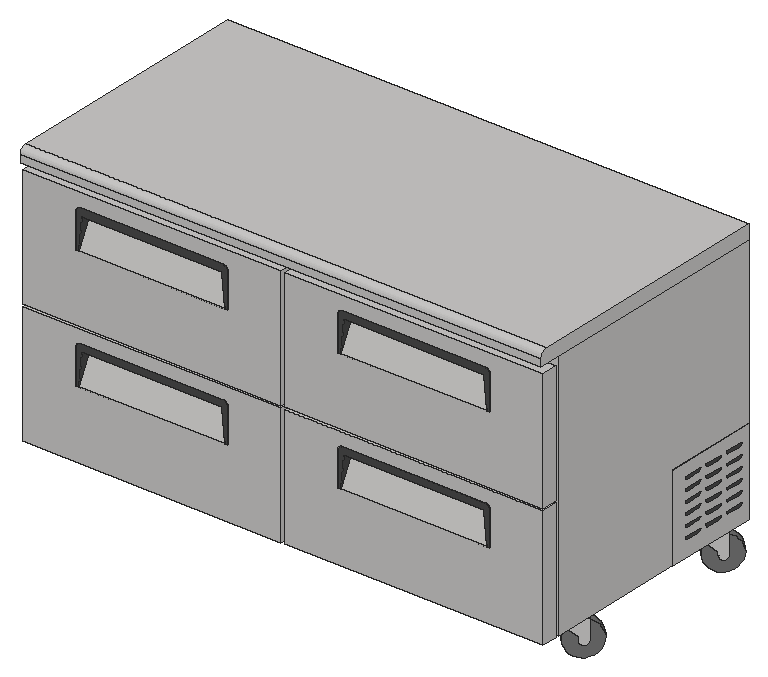
Revit family "QF_Turbo Air_TUR-60SD-D4", category Specialty Equipment, Revit 2012
Parameters
  Weight in Pounds = 301
  Watermarked By = "http://revitwatermark.com"
  Volts = 115 V
  URL Cutsheet = ""
  URL = "www.turboairinc.com"
  Status [instance] = ""
  Specification by User [instance] = ""
  Specification by Manufacturer [instance] = ""
  Serial Number [instance] = ""
  Revision Code [instance] = ""
  Phase = 1
  Number of Poles [instance] = 1
  NAFEM Spec ID Number [instance] = ""
  Model = "TUR-60SD-D4"
  Masterspec [instance] = ""
  Manufacturer = "Turbo Air"  # constant formula
  Legs [instance] = [6 inch Legs]  # no
  Item Number [instance] = "-"
  Installed By [instance] = ""
  HP = "1/3"
  Furnished By [instance] = ""
  Foodservice Equipment Identifier = yes
  FL Amps = 9.9 A
  Electrical Remarks [instance] = ""
  Electric Connection Type [instance] = ""
  Elec Conn RI Height [instance] = 0' - 0"
  Elec Conn Connection Height = 1' - 0"
  Description = "Undercounter Refrigerator"
  Cycle = 60 Hz
  Conn Plug = "NEMA 5-15P"
  Casters [instance] = not(Legs)  # yes
  CasterLeg Height [instance] = if([4 inch Casters], 0' 5", if([5 inch Casters], 0' 5 3/4", if([2_5 inch Casters], 0' 3 3/8", 0' 6")))  # 0' - 5"
  CSI MasterFormat = "11 41 13"
  Assembly Code = "E1090320"
  Apparent Power = if(Phase = 3, Volts * FL Amps * 1.73, Volts * FL Amps)  # 1138.5 VA
  6 inch Legs [instance] = no
  5 inch Casters [instance] = no
  4 inch Casters [instance] = yes
  2_5 inch Casters [instance] = no
Reference planes (in)
  plane 1 "BACK": y = 0
  plane 2: z = 0
  plane 3 "LEFT": x = -20.78844
  plane 4 "Bottom": z = 5
  plane 5 "Back Stops": y = 1
  plane 6 "RIGHT": x = 39.46156
  plane 7 "FRONT": y = -30
  plane 8 "Back of Door": y = -27.875
  plane 9 "Front of Box": y = -27.375
  plane 10 "Top of Door": z = 33.125
  plane 11 "TOP": z = 35.625
  plane 12 "Bottom of TOP": z = 34
  plane 13 "Center LR": x = 9.33656
  plane 14: x = 9.52406
  plane 15: x = 9.14906
  plane 16: y = -42.75
Forms (in)
  Extrusion 1, solid, material "QF_Finishes_Stainless Steel"
    sketch origin (-20.78844, 0, 0) x (0, 1, 0) y (0, 0, 1)
      loop
        line (0, 5) -> (0, 34) -> (-27.375, 34) -> (-27.375, 5) -> (0, 5)
    from 0 to 60.25
  Extrusion 2, solid, material "QF_Finishes_Black"
    sketch origin (0, -27.375, 0) x (1, 0, 0) y (0, 0, 1)
      loop
        line (-19.78844, 32.125) -> (-19.78844, 6) -> (8.14906, 6) -> (8.14906, 32.125) -> (-19.78844, 32.125)
      loop
        line (10.52406, 32.125) -> (10.52406, 6) -> (38.46156, 6) -> (38.46156, 32.125) -> (10.52406, 32.125)
    from 0 to 0.5
  Extrusion 3, void
    sketch origin (39.46156, 0, 0) x (0, 1, 0) y (0, 0, 1)
      loop
        line (0, 5) -> (0, 15) -> (-11, 15) -> (-11, 5) -> (0, 5)
    from 0 to -1
  Extrusion 4, solid, material "QF_Finishes_Stainless Steel"
    sketch origin (39.46156, 0, 0) x (0, 1, 0) y (0, 0, 1)
      loop
        line (-10.875, 14.875) -> (-10.875, 5) -> (0, 5) -> (0, 14.875) -> (-10.875, 14.875)
      loop
        arc (-9.25, 13.5) -> (-9.10355, 13.14645) -> (-8.75, 13) r 0.5
        line (-8.75, 13) -> (-7.25, 13)
        arc (-7.25, 13) -> (-6.89645, 13.14645) -> (-6.75, 13.5) r 0.5
        line (-6.75, 13.5) -> (-9.25, 13.5)
      loop
        arc (-6.25, 13.5) -> (-6.10355, 13.14645) -> (-5.75, 13) r 0.5
        line (-5.75, 13) -> (-4.25, 13)
        arc (-4.25, 13) -> (-3.89645, 13.14645) -> (-3.75, 13.5) r 0.5
        line (-3.75, 13.5) -> (-6.25, 13.5)
      loop
        arc (-3.25, 13.5) -> (-3.10355, 13.14645) -> (-2.75, 13) r 0.5
        line (-2.75, 13) -> (-1.25, 13)
        arc (-1.25, 13) -> (-0.89645, 13.14645) -> (-0.75, 13.5) r 0.5
        line (-0.75, 13.5) -> (-3.25, 13.5)
      loop
        arc (-9.25, 12.25) -> (-9.10355, 11.89645) -> (-8.75, 11.75) r 0.5
        line (-8.75, 11.75) -> (-7.25, 11.75)
        arc (-7.25, 11.75) -> (-6.89645, 11.89645) -> (-6.75, 12.25) r 0.5
        line (-6.75, 12.25) -> (-9.25, 12.25)
      loop
        arc (-6.25, 12.25) -> (-6.10355, 11.89645) -> (-5.75, 11.75) r 0.5
        line (-5.75, 11.75) -> (-4.25, 11.75)
        arc (-4.25, 11.75) -> (-3.89645, 11.89645) -> (-3.75, 12.25) r 0.5
        line (-3.75, 12.25) -> (-6.25, 12.25)
      loop
        arc (-3.25, 12.25) -> (-3.10355, 11.89645) -> (-2.75, 11.75) r 0.5
        line (-2.75, 11.75) -> (-1.25, 11.75)
        arc (-1.25, 11.75) -> (-0.89645, 11.89645) -> (-0.75, 12.25) r 0.5
        line (-0.75, 12.25) -> (-3.25, 12.25)
      loop
        arc (-9.25, 11) -> (-9.10355, 10.64645) -> (-8.75, 10.5) r 0.5
        line (-8.75, 10.5) -> (-7.25, 10.5)
        arc (-7.25, 10.5) -> (-6.89645, 10.64645) -> (-6.75, 11) r 0.5
        line (-6.75, 11) -> (-9.25, 11)
      loop
        arc (-6.25, 11) -> (-6.10355, 10.64645) -> (-5.75, 10.5) r 0.5
        line (-5.75, 10.5) -> (-4.25, 10.5)
        arc (-4.25, 10.5) -> (-3.89645, 10.64645) -> (-3.75, 11) r 0.5
        line (-3.75, 11) -> (-6.25, 11)
      loop
        arc (-3.25, 11) -> (-3.10355, 10.64645) -> (-2.75, 10.5) r 0.5
        line (-2.75, 10.5) -> (-1.25, 10.5)
        arc (-1.25, 10.5) -> (-0.89645, 10.64645) -> (-0.75, 11) r 0.5
        line (-0.75, 11) -> (-3.25, 11)
      loop
        arc (-9.25, 9.75) -> (-9.10355, 9.39645) -> (-8.75, 9.25) r 0.5
        line (-8.75, 9.25) -> (-7.25, 9.25)
        arc (-7.25, 9.25) -> (-6.89645, 9.39645) -> (-6.75, 9.75) r 0.5
        line (-6.75, 9.75) -> (-9.25, 9.75)
      loop
        arc (-6.25, 9.75) -> (-6.10355, 9.39645) -> (-5.75, 9.25) r 0.5
        line (-5.75, 9.25) -> (-4.25, 9.25)
        arc (-4.25, 9.25) -> (-3.89645, 9.39645) -> (-3.75, 9.75) r 0.5
        line (-3.75, 9.75) -> (-6.25, 9.75)
      loop
        arc (-3.25, 9.75) -> (-3.10355, 9.39645) -> (-2.75, 9.25) r 0.5
        line (-2.75, 9.25) -> (-1.25, 9.25)
        arc (-1.25, 9.25) -> (-0.89645, 9.39645) -> (-0.75, 9.75) r 0.5
        line (-0.75, 9.75) -> (-3.25, 9.75)
      loop
        arc (-9.25, 8.5) -> (-9.10355, 8.14645) -> (-8.75, 8) r 0.5
        line (-8.75, 8) -> (-7.25, 8)
        arc (-7.25, 8) -> (-6.89645, 8.14645) -> (-6.75, 8.5) r 0.5
        line (-6.75, 8.5) -> (-9.25, 8.5)
      loop
        arc (-6.25, 8.5) -> (-6.10355, 8.14645) -> (-5.75, 8) r 0.5
        line (-5.75, 8) -> (-4.25, 8)
        arc (-4.25, 8) -> (-3.89645, 8.14645) -> (-3.75, 8.5) r 0.5
        line (-3.75, 8.5) -> (-6.25, 8.5)
      loop
        arc (-3.25, 8.5) -> (-3.10355, 8.14645) -> (-2.75, 8) r 0.5
        line (-2.75, 8) -> (-1.25, 8)
        arc (-1.25, 8) -> (-0.89645, 8.14645) -> (-0.75, 8.5) r 0.5
        line (-0.75, 8.5) -> (-3.25, 8.5)
      loop
        arc (-9.25, 7.25) -> (-9.10355, 6.89645) -> (-8.75, 6.75) r 0.5
        line (-8.75, 6.75) -> (-7.25, 6.75)
        arc (-7.25, 6.75) -> (-6.89645, 6.89645) -> (-6.75, 7.25) r 0.5
        line (-6.75, 7.25) -> (-9.25, 7.25)
      loop
        arc (-6.25, 7.25) -> (-6.10355, 6.89645) -> (-5.75, 6.75) r 0.5
        line (-5.75, 6.75) -> (-4.25, 6.75)
        arc (-4.25, 6.75) -> (-3.89645, 6.89645) -> (-3.75, 7.25) r 0.5
        line (-3.75, 7.25) -> (-6.25, 7.25)
      loop
        arc (-3.25, 7.25) -> (-3.10355, 6.89645) -> (-2.75, 6.75) r 0.5
        line (-2.75, 6.75) -> (-1.25, 6.75)
        arc (-1.25, 6.75) -> (-0.89645, 6.89645) -> (-0.75, 7.25) r 0.5
        line (-0.75, 7.25) -> (-3.25, 7.25)
    from 0 to -1
  Extrusion 5, solid, material "QF_Finishes_Black"
    sketch origin (39.46156, 0, 0) x (0, 1, 0) y (0, 0, 1)
      loop
        line (-9.875, 13.95221) -> (-9.875, 6.20221) -> (-0.375, 6.20221) -> (-0.375, 13.95221) -> (-9.875, 13.95221)
    from -0.125 to -1
  Extrusion 6, solid, material "QF_Finishes_Black"
    sketch origin (0, 0, 0) x (1, 0, 0) y (0, 0, 1)
      loop
        circle (-14.66344, 30.8125) r 0.5
      loop
        circle (33.33656, 30.8125) r 0.5
    from 0 to -1
  Extrusion 7, solid, material "QF_Finishes_Stainless Steel"
    sketch origin (0, 0, 0) x (1, 0, 0) y (0, 0, 1)
      loop
        circle (35.46156, 11.125) r 0.25
    from 0 to -0.0625
  Extrusion 8, solid, material "QF_Finishes_Polished Steel"
    sketch origin (-20.78844, 0, 0) x (0, 1, 0) y (0, 0, 1)
      loop
        line (0, 35.625) -> (-29.1875, 35.625)
        arc (-29.1875, 35.625) -> (-29.76202, 35.38702) -> (-30, 34.8125) r 0.8125
        line (-30, 34.8125) -> (-30, 34) -> (0, 34) -> (0, 35.625)
    from 0 to 60.25
Cuts and joins
  Extrusion 3 cuts Extrusion 1
Lines and regions (in)
  symbolic lines
    curve 1: line (-20.78844, 0, 35.875) -> (39.46156, 0, 35.875)
    curve 2: line (-20.78844, -30, 35.875) -> (-20.78844, 0, 35.875)
    curve 3: line (39.46156, -30, 35.875) -> (-20.78844, -30, 35.875)
    curve 4: line (39.46156, 0, 35.875) -> (39.46156, -30, 35.875)
    curve 5: line (32.83656, 1, 35.875) -> (33.83656, 1, 35.875)
    curve 6: line (-15.16344, 1, 35.875) -> (-14.16344, 1, 35.875)
    curve 7: line (-15.16344, 1, 35.875) -> (-15.16344, 0, 35.875)
    curve 8: line (-14.16344, 1, 35.875) -> (-14.16344, 0, 35.875)
    curve 9: line (32.83656, 1, 35.875) -> (32.83656, 0, 35.875)
    curve 10: line (33.83656, 1, 35.875) -> (33.83656, 0, 35.875)
  symbolic lines, style "QF_Clearances", detail levels coarse
    curve 11: line (9.52406, -30, 35.875) -> (9.52406, -42.75, 35.875)
    curve 12: line (9.52406, -42.75, 35.875) -> (39.46156, -42.75, 35.875)
    curve 13: line (39.46156, -42.75, 35.875) -> (39.46156, -30, 35.875)
    curve 14: line (-20.78844, -30, 35.875) -> (-20.78844, -42.75, 35.875)
    curve 15: line (-20.78844, -42.75, 35.875) -> (9.14906, -42.75, 35.875)
    curve 16: line (9.14906, -42.75, 35.875) -> (9.14906, -30, 35.875)
Dimensions and locks (in)
  "CasterLeg Height": plane 4 "Bottom" to plane 2
  locked: plane 1 "BACK" to plane 5 "Back Stops" at 1
  locked: plane 6 "RIGHT" to plane 3 "LEFT" at 60.25
  locked: plane 7 "FRONT" to plane 1 "BACK" at 30
  locked: plane 8 "Back of Door" to plane 9 "Front of Box" at 0.5
  locked: plane 10 "Top of Door" to Extrusion 2 sketch curve at 1  (x2)
  locked: Extrusion 2 sketch curve to plane 3 "LEFT" at 1
  locked: Extrusion 2 sketch curve to plane 4 "Bottom" at 1  (x2)
  locked: Extrusion 3 sketch curve to plane 1 "BACK" at 11
  locked: Extrusion 3 sketch curve to plane 4 "Bottom" at 10
  locked: plane 4 "Bottom" to Extrusion 4 sketch curve at 9.875
  locked: Extrusion 4 sketch curve to plane 1 "BACK" at 10.875
  locked: Extrusion 5 sketch curve to Extrusion 5 sketch curve at 7.75
  locked: Extrusion 5 sketch curve to plane 4 "Bottom" at 1.20221
  locked: Extrusion 5 sketch curve to Extrusion 5 sketch curve at 9.5
  locked: Extrusion 5 sketch curve to plane 1 "BACK" at 0.375
  locked: nested 1 to plane 1 "BACK" at 2.5625
  locked: plane 3 "LEFT" to nested 1 at 2.5
  locked: plane 3 "LEFT" to nested 2 at 2.5
  locked: plane 9 "Front of Box" to nested 2 at 4.625
  locked: nested 3 to plane 6 "RIGHT" at 2.5
  locked: nested 4 to plane 6 "RIGHT" at 2.5
  locked: plane 9 "Front of Box" to nested 4 at 4.625
  locked: nested 3 to plane 1 "BACK" at 2.5625
  locked: plane 6 "RIGHT" to Extrusion 6 sketch curve at 6.125
  locked: Extrusion 6 sketch curve to plane 3 "LEFT" at 6.125
  locked: Extrusion 7 sketch curve to plane 4 "Bottom" at 6.125
  locked: plane 6 "RIGHT" to Extrusion 7 sketch curve at 4
  locked: plane 11 "TOP" to plane 4 "Bottom" at 30.625
  locked: plane 11 "TOP" to plane 12 "Bottom of TOP" at 1.625
  locked: plane 12 "Bottom of TOP" to plane 10 "Top of Door" at 0.875
  plane 8 "Back of Door" to plane 1 "BACK" = 2' - 3 7/8"
  equal spacing: plane 3 "LEFT", plane 13 "Center LR", plane 6 "RIGHT"
  plane 15 to plane 13 "Center LR" to plane 14 = 0' - 0 3/16" locked, 0' - 0 3/16" locked
  locked: Extrusion 2 sketch curve to plane 15 at 1
  locked: Extrusion 2 sketch curve to plane 6 "RIGHT" at 1
  locked: Extrusion 2 sketch curve to plane 14 at 1
  locked: plane 16 to plane 7 "FRONT" at 12.75
  aligned and locked: level to plane 2
  aligned and locked: Extrusion 1 sketch curve to plane 1 "BACK"
  aligned and locked: Extrusion 1 sketch curve to plane 4 "Bottom"
  aligned and locked: plane 9 "Front of Box" to Extrusion 1 sketch curve
  aligned and locked: plane 6 "RIGHT" to Extrusion 1
  aligned and locked: plane 8 "Back of Door" to Extrusion 2
  aligned and locked: Extrusion 3 sketch curve to plane 1 "BACK"
  aligned and locked: Extrusion 3 sketch curve to plane 4 "Bottom"
  aligned and locked: Extrusion 6 to plane 5 "Back Stops"
  aligned and locked: plane 1 "BACK" to curve 1
  aligned and locked: curve 4 to plane 6 "RIGHT"
  aligned and locked: plane 3 "LEFT" to curve 2
  aligned and locked: curve 3 to plane 7 "FRONT"
  aligned and locked: curve 5 to Extrusion 6
  aligned and locked: curve 6 to Extrusion 6
  aligned and locked: Extrusion 1 sketch curve to plane 12 "Bottom of TOP"
  aligned and locked: plane 1 "BACK" to Extrusion 8 sketch curve
  aligned and locked: plane 12 "Bottom of TOP" to Extrusion 8 sketch curve
  aligned and locked: Extrusion 8 sketch curve to plane 7 "FRONT"
  aligned and locked: Extrusion 8 sketch curve to plane 11 "TOP"
  aligned and locked: plane 6 "RIGHT" to Extrusion 8
  aligned and locked: nested 5 to plane 4 "Bottom"
  aligned and locked: nested 6 to plane 4 "Bottom"
Automatic sketch dimensions
  Extrusion 4 sketch curve to plane 1 "BACK" = 0' - 0"
  Extrusion 4 sketch curve to plane 4 "Bottom" = 0' - 0"
  Extrusion 4 sketch curve to Extrusion 4 sketch curve = 0' - 1 5/8"
  Extrusion 4 sketch curve to Extrusion 4 sketch curve = 0' - 0"  (x16)
  Extrusion 4 sketch curve to Extrusion 4 sketch curve = 0' - 0 1/2"  (x31)
  Extrusion 4 sketch curve to Extrusion 4 sketch curve = 0' - 1 1/2"  (x4)
  plane 1 "BACK" to Extrusion 4 sketch curve = 0' - 1 1/4"  (x3)
  plane 4 "Bottom" to Extrusion 4 sketch curve = 0' - 1 3/4"  (x2)
  Extrusion 4 sketch curve to Extrusion 4 sketch curve = 0' - 0 3/4"  (x15)
  Extrusion 6 sketch curve to plane 10 "Top of Door" = 0' - 2 5/16"  (x2)
  Extrusion 8 sketch curve to plane 7 "FRONT" = 0' - 0 13/16"
  plane 16 to curve 14 = 0' - 0"
  curve 11 to plane 14 = 0' - 0"
  plane 16 to curve 11 = 0' - 0"
  curve 16 to plane 15 = 0' - 0"
  curve 10 to plane 6 "RIGHT" = 0' - 5 5/8"
  curve 5 to curve 5 = 0' - 1"
  plane 3 "LEFT" to curve 6 = 0' - 6 5/8"
  curve 6 to curve 7 = 0' - 1"
  radius of Extrusion 6 sketch curve = 0' - 0 1/2"  (x2)
  radius of Extrusion 7 sketch curve = 0' - 0 1/4"
Nested families (in)
  nested 1: "FESCasterLeg" at (-18.28844, -2.5625, 0), Legs <- "Legs", Casters <- "Casters", Height <- "CasterLeg Height", type "FESCasterLeg"
    with Legs no, Height 0' - 5", Casters yes, Caster Radius 0' - 2"
  nested 2: "FESCasterLeg" at (-18.28844, -22.75, 0), Legs <- "Legs", Casters <- "Casters", Height <- "CasterLeg Height", type "FESCasterLeg"
    with Legs no, Height 0' - 5", Casters yes, Caster Radius 0' - 2"
  nested 3: "FESCasterLeg" at (36.96156, -2.5625, 0), Legs <- "Legs", Casters <- "Casters", Height <- "CasterLeg Height", type "FESCasterLeg"
    with Legs no, Height 0' - 5", Casters yes, Caster Radius 0' - 2"
  nested 4: "FESCasterLeg" at (36.96156, -22.75, 0), Legs <- "Legs", Casters <- "Casters", Height <- "CasterLeg Height", type "FESCasterLeg"
    with Legs no, Height 0' - 5", Casters yes, Caster Radius 0' - 2"
  nested 5: "QF_Turbo Air_TBL_Drawer" at (24.70073, -27.875, 5), type "QF_Turbo Air_TBL_Drawer"
    with Width 2' - 5 15/16", Symbolic Lines no, Height 2' - 4 1/8", Depth 0' - 1 13/16"
  nested 6: "QF_Turbo Air_TBL_Drawer" at (-5.61177, -27.875, 5), type "QF_Turbo Air_TBL_Drawer"
    with Width 2' - 5 15/16", Symbolic Lines no, Height 2' - 4 1/8", Depth 0' - 1 13/16"
Connectors (in)
  electrical at (35.46156, 0.0625, 11.125), driven by "Number of Poles", driven by "Volts", driven by "Apparent Power"
    settings: on Extrusion 7, index 1, voltage 115 V, apparent load 1138.5 VA, apparent load phase1 0 VA, apparent load phase2 0 VA, apparent load phase3 0 VA, power factor 1, load classification "Other", number of poles 1, system type 30, power factor state 1, is connector primary yes, connector utility no, sub classification motor no, connector description ""
Definition of nested family "FESCasterLeg"
  Parameters (values of type "FESCasterLeg")
    Watermarked By = "http://revitwatermark.com"
    Type Comments = "⍁⍉⌁⌀⏭⎽⌇⍠⌜⍉⎖⌥⌦⌯⍭⏊⍻⍿⍊⏵⍊⏗⏠⍴⎡⌈⎀⍠⌓⌤⏘⎐⍀⌐⏬⏁⎈⏍⏦⎒⏬⌝⍩⍇⌣〈⎫〉⎁⏊⍥⍖⍥⍝⍦⌖⍀⏌⏭⎝⎼⏷⏞⍻⏯⎽⏷⏞⍻⏯⎽⏷⎺⌻⎝⍎⌧⏷⏟⏿⌿⍜⍦⍤⌁⍬⏶⏎⍊⏚⏉⎞⌡⎀⎪⏈⌟⌿⍾⍼⌟⌿⌢⌞⏜⏝⎽⍷⍷⍯⍧⍷⌯⍽⏸⏨⏾⏎⌣⏺⍹⏼⏅⎏⌽⎫⎪⍙⎓⏗⎗⏅⌴⍏⍏⍿⏑⎺⍘⌭⏲⍥⎛⎾⎾⍞⍌⎪⎲⌙⎥⏏⎟⎟⏼⏘⎏⎝⏧⏍⏁⍏⍧⏯⏾⌟"
    Legs [instance] = yes
    Height [instance] = 0' - 6"
    Caster Radius [instance] = if(Height < 0' 3", 0' 1", (Height / 2) - 0' 0 1/2")  # 0' - 2 1/2"
    Casters [instance] = yes
    Assembly Code = ""
  Reference planes (in)
    plane 1 "Center (Front/Back)": y = 0
    plane 2: z = 0
    plane 3 "Center (Left/Right)": x = 0
    plane 4: z = 6
    plane 5: z = 5.5
  Forms (in)
    Extrusion 1, solid, material "QF_Finishes_Stainless Steel", visible <- "Casters"
      sketch origin (-24.12131, -22.88887, 10.18833) x (0.707107, 0.707107, 0) y (0, 0, 1)
        loop
          line (34.98772, -7.68833) -> (34.98772, -4.93833) -> (34.48772, -4.93833) -> (34.39402, -4.68833) -> (32.39402, -4.68833) -> (32.39402, -5.43833) -> (33.98772, -7.34206) -> (33.98772, -7.68833)
          arc (33.98772, -7.68833) -> (34.48772, -8.18833) -> (34.98772, -7.68833) r 0.5
      from 0 to 1.75
    Extrusion 2, solid, material "QF_Finishes_Rubber Black", visible <- "Casters"
      sketch origin (-24.32327, -23.09083, 13.31461) x (0.707107, 0.707107, 0) y (0, 0, 1)
        loop
          circle (34.77334, -10.81461) r 2.5
      from 0.375 to 1.375
    Extrusion 3, solid, material "QF_Finishes_Stainless Steel", visible <- "Casters"
      sketch origin (-7.24148, -8.48391, 0) x (0.707107, 0.707107, 0) y (0, 0, 1)
        loop
          line (10.61603, 5.5) -> (11.61603, 5.5) -> (11.61603, 6) -> (10.61603, 6) -> (10.61603, 5.5)
      from 0 to -1.75
    Blend 4, solid, material "QF_Finishes_Stainless Steel", visible <- "Legs"
      base sketch origin (0, 0, 0) x (1, 0, 0) y (0, 1, 0)
        loop
          circle (0, 0) r 0.5
      top sketch origin (0, 0, 0) x (1, 0, 0) y (0, 1, 0)
        loop
          circle (0, 0) r 1
      from 0 to 6 <- "Height"
  Lines and regions (in)
    symbolic lines, style "QF_Hidden Details", visible <- "Casters", built-in parameter 1006206 <- "Casters"
      curve 1: line (-1.26158, -0.51911, 0) -> (1.39007, 2.13254, 0)
      curve 2: line (-0.53429, -1.24639, 0) -> (2.11736, 1.40526, 0)
    symbolic lines, style "QF_Hidden Details", built-in parameter 1006206 <- "Casters", visible <- "Casters"
      curve 3: line (-1.26158, -0.51911, 0) -> (1.39007, 2.13254, 0)
      curve 4: line (-0.53429, -1.24639, 0) -> (2.11736, 1.40526, 0)
  Dimensions and locks (in)
    locked: plane 4 to plane 5 at 0.5
    "Height": plane 4 to level
    "Caster Radius": Extrusion 2 sketch curve to level
    "Caster Radius": Extrusion 1 sketch curve to level
    "Caster Radius": radius of Extrusion 2 sketch curve
    aligned and locked: plane 2 to level
    aligned: Blend 4 to Extrusion 3
    aligned and locked: plane 4 to Blend 4
    aligned and locked: Extrusion 3 to plane 5
    aligned and locked: plane 4 to Extrusion 3
    aligned and locked: plane 5 to Extrusion 1
  Automatic sketch dimensions
    plane 1 "Center (Front/Back)" to curve 3 = 0' - 0.51911"
    curve 3 to plane 3 "Center (Left/Right)" = 0' - 1.26158"
    plane 1 "Center (Front/Back)" to curve 1 = 0' - 0.51911"
    curve 1 to curve 3 = 0' - 0"  (x3)
    curve 4 to plane 3 "Center (Left/Right)" = 0' - 0.53429"
    curve 2 to curve 4 = 0' - 0"  (x2)
    plane 3 "Center (Left/Right)" to curve 3 = 0' - 1.39007"
    curve 1 to curve 4 = 0' - 0.72729"
    curve 2 to curve 1 = 0' - 0.72729"
    curve 4 to curve 2 = 0' - 0"  (x2)
    curve 2 to plane 1 "Center (Front/Back)" = 0' - 1.40526"
    curve 2 to curve 3 = 0' - 0.72729"
    plane 5 to Extrusion 1 sketch curve = 0' - 0"
    Extrusion 1 sketch curve to Extrusion 1 sketch curve = 0' - 1.5937"
    Extrusion 1 sketch curve to Extrusion 1 sketch curve = 0' - 2"
    Extrusion 1 sketch curve to Extrusion 1 sketch curve = 0' - 0.0937"
    Extrusion 1 sketch curve to Extrusion 1 sketch curve = 0' - 0 1/2"
    Extrusion 1 sketch curve to Extrusion 1 sketch curve = 0' - 0.34627"
    Extrusion 1 sketch curve to plane 5 = 0' - 0 3/4"
    Extrusion 1 sketch curve to plane 5 = 0' - 0 1/4"
    Extrusion 3 sketch curve to plane 5 = 0' - 0"
    plane 4 to Extrusion 3 sketch curve = 0' - 0"
    Extrusion 3 sketch curve to Extrusion 3 sketch curve = 0' - 1"
    plane 1 "Center (Front/Back)" to Blend 4 sketch curve = 0' - 0"  (x2)
    Blend 4 sketch curve to plane 3 "Center (Left/Right)" = 0' - 0"  (x2)
    radius of Blend 4 sketch curve = 0' - 0 1/2"
    radius of Blend 4 sketch curve = 0' - 1"
Definition of nested family "QF_Turbo Air_TBL_Drawer"
  Parameters (values of type "QF_Turbo Air_TBL_Drawer")
    Width [instance] = 2' - 5 5/16"
    Watermarked By = "http://revitwatermark.com"
    Symbolic Lines [instance] = yes
    Manufacturer = "Turbo Air"  # constant formula
    Height [instance] = 2' - 3 7/16"
    Depth [instance] = 0' - 1 13/16"
  Reference planes (in)
    plane 1 "BACK": y = 0
    plane 2: z = 0
    plane 3 "LEFT": x = -15.17667
    plane 4: x = 14.13583
    plane 5 "FRONT": y = -1.8125
    plane 6: z = 27.4375
    plane 7 "Handle Center": x = -0.52042
    plane 8 "Door Center": z = 13.71875
  Forms (in)
    Extrusion 1, solid, material "QF_Finishes_Black"
      sketch origin (-31.11417, 0, 15.01083) x (0, 0, -1) y (1, 0, 0)
        loop
          arc (-10.23917, 39.40625) -> (-10.63691, 39.2415) -> (-10.80167, 38.84375) r 0.5625
          line (-10.80167, 38.84375) -> (-10.80167, 22.34375)
          arc (-10.80167, 22.34375) -> (-10.63691, 21.946) -> (-10.23917, 21.78125) r 0.5625
          line (-10.23917, 21.78125) -> (-6.30167, 21.78125) -> (-6.30167, 22.125) -> (-9.98917, 22.44761) -> (-9.98917, 38.73989) -> (-6.30167, 39.0625) -> (-6.30167, 39.40625) -> (-10.23917, 39.40625)
        loop
          line (7.41708, 21.78125) -> (7.41708, 22.125) -> (3.72958, 22.44761) -> (3.72958, 38.73989) -> (7.41708, 39.0625) -> (7.41708, 39.40625) -> (3.47958, 39.40625)
          arc (3.47958, 39.40625) -> (3.08184, 39.2415) -> (2.91708, 38.84375) r 0.5625
          line (2.91708, 38.84375) -> (2.91708, 22.34375)
          arc (2.91708, 22.34375) -> (3.08184, 21.946) -> (3.47958, 21.78125) r 0.5625
          line (3.47958, 21.78125) -> (7.41708, 21.78125)
      from 0 to 1.8125
    Extrusion 2, solid, material "QF_Finishes_Stainless Steel"
      sketch origin (-9.36417, 0, 15.01083) x (0, 1, 0) y (0, 0, 1)
        loop
          line (-1.8125, 6.30167) -> (0, 6.30167) -> (0, 9.98917) -> (-0.47036, 9.98917) -> (-1.8125, 6.30167)
        loop
          line (-1.8125, -7.41708) -> (0, -7.41708) -> (0, -3.72958) -> (-0.47036, -3.72958) -> (-1.8125, -7.41708)
      from 0.375 to 17.3125
    Extrusion 3, solid, material "QF_Finishes_Stainless Steel"
      sketch origin (0, 0, 0) x (1, 0, 0) y (0, 0, 1)
        loop
          line (-15.17667, 27.4375) -> (-15.17667, 13.84375) -> (14.13583, 13.84375) -> (14.13583, 27.4375) -> (-15.17667, 27.4375)
        loop
          line (-15.17667, 0) -> (14.13583, 0) -> (14.13583, 13.59375) -> (-15.17667, 13.59375) -> (-15.17667, 0)
        loop
          arc (-8.77042, 25.8125) -> (-9.16816, 25.64775) -> (-9.33292, 25.25) r 0.5625
          line (-9.33292, 25.25) -> (-9.33292, 21.3125) -> (8.29208, 21.3125) -> (8.29208, 25.25)
          arc (8.29208, 25.25) -> (8.12733, 25.64775) -> (7.72958, 25.8125) r 0.5625
          line (7.72958, 25.8125) -> (-8.77042, 25.8125)
        loop
          arc (-8.77042, 12.09375) -> (-9.16816, 11.929) -> (-9.33292, 11.53125) r 0.5625
          line (-9.33292, 11.53125) -> (-9.33292, 7.59375) -> (8.29208, 7.59375) -> (8.29208, 11.53125)
          arc (8.29208, 11.53125) -> (8.12733, 11.929) -> (7.72958, 12.09375) r 0.5625
          line (7.72958, 12.09375) -> (-8.77042, 12.09375)
      from 0 to 1.8125
  Lines and regions (in)
    symbolic lines, visible <- "Symbolic Lines"
      curve 1: line (-15.17667, 0, 25.96875) -> (14.13583, 0, 25.96875)
      curve 2: line (-15.17667, -1.8125, 25.96875) -> (-15.17667, 0, 25.96875)
      curve 3: line (14.13583, -1.8125, 25.96875) -> (-15.17667, -1.8125, 25.96875)
      curve 4: line (14.13583, 0, 25.96875) -> (14.13583, -1.8125, 25.96875)
  Dimensions and locks (in)
    "Width": plane 4 to plane 3 "LEFT"
    "Depth": plane 5 "FRONT" to plane 1 "BACK"
    "Height": plane 6 to plane 2
    locked: Extrusion 3 sketch curve to Extrusion 3 sketch curve at 4.5  (x2)
    locked: plane 6 to Extrusion 3 sketch curve at 1.625
    locked: plane 6 to Extrusion 1 sketch curve at 1.625
    locked: Extrusion 1 sketch curve to Extrusion 1 sketch curve at 0.8125  (x2)
    locked: Extrusion 1 sketch curve to Extrusion 1 sketch curve at 4.5  (x4)
    locked: Extrusion 1 sketch curve to Extrusion 1 sketch curve at 0.66636  (x4)
    locked: plane 6 to Extrusion 2 sketch curve at 2.4375
    locked: Extrusion 2 sketch curve to Extrusion 2 sketch curve at 3.6875  (x2)
    locked: Extrusion 2 sketch curve to plane 5 "FRONT" at 1.34214  (x2)
    equal spacing: plane 3 "LEFT", plane 7 "Handle Center", plane 4
    equal spacing: plane 6, plane 8 "Door Center", level
    Extrusion 3 sketch curve to plane 8 "Door Center" to Extrusion 3 sketch curve = 0' - 0 1/8" locked, 0' - 0 1/8" locked
    Extrusion 3 sketch curve to plane 7 "Handle Center" to Extrusion 3 sketch curve = 0' - 8 13/16" locked, 0' - 8 13/16" locked  (x2)
    locked: plane 8 "Door Center" to Extrusion 3 sketch curve at 1.625
    Extrusion 1 sketch curve to plane 7 "Handle Center" to Extrusion 1 sketch curve = 0' - 8 13/16" locked, 0' - 8 13/16" locked  (x2)
    Extrusion 2 to plane 7 "Handle Center" to Extrusion 2 = 0' - 8 15/32" locked, 0' - 8 15/32" locked
    locked: plane 8 "Door Center" to Extrusion 1 sketch curve at 1.625
    locked: plane 8 "Door Center" to Extrusion 2 sketch curve at 2.4375
    aligned and locked: level to plane 2
    aligned and locked: Extrusion 3 sketch curve to plane 6
    aligned and locked: plane 3 "LEFT" to Extrusion 3 sketch curve  (x2)
    aligned and locked: level to Extrusion 3 sketch curve
    aligned and locked: Extrusion 3 sketch curve to plane 4  (x2)
    aligned and locked: plane 5 "FRONT" to Extrusion 3
    aligned and locked: Extrusion 2 sketch curve to plane 1 "BACK"  (x2)
    aligned and locked: plane 1 "BACK" to curve 1
    aligned and locked: plane 3 "LEFT" to curve 2
    aligned and locked: curve 3 to plane 5 "FRONT"
    aligned and locked: curve 4 to plane 4
  Automatic sketch dimensions
    Extrusion 1 sketch curve to Extrusion 1 sketch curve = 0' - 0 1/4"  (x4)
    Extrusion 1 sketch curve to Extrusion 1 sketch curve = 0' - 0 11/32"  (x4)
    Extrusion 2 sketch curve to plane 5 "FRONT" = 0' - 0"  (x2)
    Extrusion 3 sketch curve to Extrusion 3 sketch curve = 0' - 0 9/16"  (x4)
